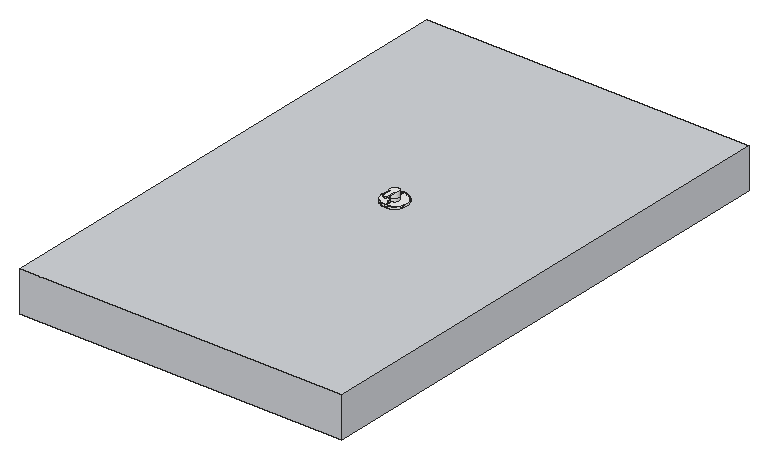
Revit family "Diverter_Balance_Trim-GROHE-Lineare-29168_Series", category Plumbing Fixtures, host Face, Revit 2014
Parameters (values of type "29168001")
  Width = 7 7/16"  # constant formula
  Waste Connection = no
  Warranty Documentation Link = "https://cdn.cloud.grohe.com/tpi/1000/1900/1940/1949/1949006/original/1949006.pdf"
  WFU = 2  # constant formula
  Vent Connection = no
  URL = "https://www.grohe.com"
  Type Comments = ""
  Tempered Connection Radius = Tempered Connection Diameter / 2  # 1/4"
  Tempered Connection Diameter = Hot Water Connection Diameter  # 1/2"
  Shipping Weight = 0.000 lbf
  Product Page URL = "https://www.grohe.us/en_us/lineare-pressure-balance-valve-trim-with-diverter-29168001.html"
  Price = "Prices may vary. Please consult Manufacturer Representative for most up-to-date price list."  # constant formula
  Model = "29168001"
  Material = "Metal-Grohe-001-Chrome"
  Manufacturer = "Grohe"
  Length = 2 7/8"
  Installation Type = "Wall Mounted"
  Hot Water Connection Radius = Hot Water Connection Diameter / 2  # 1/4"
  Hot Water Connection Diameter = Cold Water Connection Diameter  # 1/2"
  HWFU = 1.5  # constant formula
  HW Connection = yes
  Flow Rate = ""
  Finish = Metal-Grohe-001-Chrome
  Description = "Lineare Pressure Balance Valve Trim with Diverter"  # constant formula
  Default Elevation = 44"  # constant formula
  Creation Date = "05/29/2018"  # constant formula
  Cold Water Connection Radius = 1/4"  # constant formula
  Cold Water Connection Diameter = Cold Water Connection Radius * 2  # 1/2"
  CWFU = 1.5  # constant formula
  CW Connection = yes
  Assembly Code = "D2010710"
Types (2): name | Product Page URL | Model | Material | Finish
  29168001 | "https://www.grohe.us/en_us/lineare-pressure-balance-valve-trim-with-diverter-29168001.html" | "29168001" | "Metal-Grohe-001-Chrome" | Metal-Grohe-001-Chrome
  29168EN1 | "https://www.grohe.us/en_us/lineare-pressure-balance-valve-trim-with-diverter-29168EN1.html" | "29168EN1" | "Metal-Grohe-EN1-Brushed Nickel" | Metal-Grohe-EN1-Brushed Nickel
Reference planes (in)
  plane 1 "Center (Front/Back)": y = 0
  plane 2: z = 0
  plane 3 "Center (Left/Right)": x = 0
  plane 4: y = -18
  plane 5: y = -39
  plane 6: x = -1.21875
  plane 7: x = 1.21875
  plane 8: x = -3.34375
  plane 9: x = 3.34375
  plane 10: y = 3.34375
  plane 11: y = -3.34375
  plane 12: y = -3.71875
  plane 13: y = 3.71875
  plane 14: z = 2.875
  plane 15: z = 0.5625
  plane 16: y = 34
Forms (in)
  Extrusion 1, solid
    sketch origin (0, 0, 0) x (1, 0, 0) y (0, 1, 0)
      loop
        line (-48, 72) -> (-48, -79.70833) -> (48, -79.70833) -> (48, 72) -> (-48, 72)
    from 0 to -12
  Revolve 2, solid, material "Metal-Grohe-001-Chrome" <- "Finish"
    sketch origin (0, 0, 0) x (0, 1, 0) y (0, 0, 1)
      loop
        line (3.71875, 0) -> (3.71875, 0.4379)
        arc (3.71875, 0.4379) -> (3.70157, 0.48044) -> (3.65967, 0.49912) r 0.06125
        arc (3.65967, 0.49912) -> (2.45303, 0.53641) -> (1.24609, 0.5625) r 130.00446
        line (1.24609, 0.5625) -> (1.24609, 1.46157) -> (1.19327, 1.46157) -> (1.19327, 1.49456) -> (1.24609, 1.49456) -> (1.24609, 2.875) -> (0, 2.875) -> (0, 0) -> (3.71875, 0)
      axis (0, 2.875) -> (0, 0)
    angle from 0 to 360
  Extrusion 3, solid, material "Metal-Grohe-001-Chrome" <- "Finish"
    sketch origin (0, 0, 0) x (1, 0, 0) y (0, 1, 0)
      loop
        circle (-0.61402, 0) r 0.25
      loop
        circle (0.61402, 0) r 0.25
    from 0 to 0.0625
  Extrusion 4, solid, material "Metal-Grohe-001-Chrome" <- "Finish"
    sketch origin (0, 0, 0) x (1, 0, 0) y (0, 0, 1)
      loop
        line (-0.62305, 2.875) -> (-0.62305, 2.75164)
        arc (-0.62305, 2.75164) -> (0, 2.61899) -> (0.62305, 2.75164) r 1.52959
        line (0.62305, 2.75164) -> (0.62305, 2.875) -> (-0.62305, 2.875)
    from 0 to 3.71875
  Revolve 5, solid, material "Metal-Grohe-001-Chrome" <- "Finish"
    sketch origin (0, 0.04688, 0) x (0, 1, 0) y (0, 0, 1)
      loop
        line (-2.08279, 0.37616) -> (-2.08279, 0.68551) -> (-2.13463, 0.68551) -> (-2.13463, 0.79753) -> (-2.05064, 0.79753) -> (-2.05064, 0.9181) -> (-2.24461, 0.9181) -> (-2.24461, 0.37616) -> (-2.08279, 0.37616)
      axis (-2.24461, 0.37616) -> (-2.24461, 0.9181)
    angle from 0 to 360
Cuts and joins
  joined: Revolve 2, Extrusion 3, Extrusion 4, Revolve 5
Lines and regions (in)
  Masking region 1
    outline origin (0, 0, 0) x (1, 0, 0) y (0, 0, 1)
      loop
        line (-3.72001, 0) -> (3.72001, 0) -> (3.72001, 0.44111)
        arc (3.72001, 0.44111) -> (3.70279, 0.48382) -> (3.66077, 0.50266) r 0.0616
        arc (3.66077, 0.50266) -> (2.45364, 0.54042) -> (1.24609, 0.56107) r 85.24867
        line (1.24609, 0.56107) -> (1.24609, 1.46157) -> (1.19327, 1.46157) -> (1.19327, 1.49456) -> (1.24609, 1.49456) -> (1.24609, 2.875) -> (-1.24609, 2.875) -> (-1.24609, 1.49456) -> (-1.19327, 1.49456) -> (-1.19327, 1.46157) -> (-1.24609, 1.46157) -> (-1.24609, 0.56107)
        arc (-1.24609, 0.56107) -> (-2.4532, 0.54043) -> (-3.6599, 0.5027) r 85.24867
        arc (-3.6599, 0.5027) -> (-3.70254, 0.48358) -> (-3.72001, 0.44024) r 0.0625
        line (-3.72001, 0.44024) -> (-3.72001, 0)
  symbolic lines, detail levels fine
    curve 1: line (1.24609, 0, 0.56107) -> (-1.24609, 0, 0.56107)
    curve 2: line (-1.19327, 0, 1.46157) -> (1.19327, 0, 1.46157)
    curve 3: line (-1.19327, 0, 1.49456) -> (1.19327, 0, 1.49456)
Dimensions and locks (in)
  plane 1 "Center (Front/Back)" to plane 4 = 18"
  plane 4 to plane 5 = 21"
  equal spacing: plane 13, plane 1 "Center (Front/Back)", plane 12
  "Width": plane 13 to plane 12
  plane 15 to level = 9/16"
  "Length": plane 14 to level
  locked: Revolve 2 sketch curve to Revolve 2 sketch curve at 0.03299
  locked: plane 15 to Revolve 2 sketch curve at 0.89907
  "Hot Water Connection Diameter": diameter of Extrusion 3 sketch curve
  "Cold Water Connection Diameter": diameter of Extrusion 3 sketch curve
  radius of Extrusion 4 sketch curve = 1.52959"
  aligned and locked: plane 2 to Extrusion 1
  aligned and locked: level to Extrusion 1
  aligned and locked: Revolve 2 sketch curve to plane 13
  aligned and locked: Revolve 2 sketch curve to plane 14
  aligned and locked: Revolve 2 sketch curve to plane 1 "Center (Front/Back)"
  aligned and locked: plane 15 to Revolve 2 sketch curve
  aligned and locked: Extrusion 4 sketch curve to plane 14
  aligned and locked: Extrusion 4 to plane 1 "Center (Front/Back)"
  aligned and locked: plane 12 to Extrusion 4
  aligned and locked: Masking region 1 to cut or joined group of Revolve 2, Extrusion 3, Extrusion 4, Revolve 5  (x4)
  aligned and locked: Masking region 1 to curve 3
  aligned and locked: curve 2 to Masking region 1
  aligned and locked: curve 3 to cut or joined group of Revolve 2, Extrusion 3, Extrusion 4, Revolve 5
  aligned and locked: curve 2 to cut or joined group of Revolve 2, Extrusion 3, Extrusion 4, Revolve 5
  aligned and locked: curve 3 to Masking region 1
  aligned and locked: Masking region 1 to curve 2
  aligned and locked: cut or joined group of Revolve 2, Extrusion 3, Extrusion 4, Revolve 5 to Masking region 1
Automatic sketch dimensions
  Extrusion 1 sketch curve to Extrusion 1 sketch curve = 96"
  Extrusion 1 sketch curve to Extrusion 1 sketch curve = 151.70833"
  Extrusion 4 sketch curve to plane 3 "Center (Left/Right)" = 0"
  Extrusion 4 sketch curve to plane 14 = 0.12336"  (x2)
  plane 6 to Extrusion 4 sketch curve = 0.5957"
  Masking region 1 sketch curve to level = 0"
  Masking region 1 sketch curve to plane 3 "Center (Left/Right)" = 0.39227"
  plane 6 to Masking region 1 sketch curve = 0.02548"
  Masking region 1 sketch curve to plane 6 = 7/256"  (x2)
  Masking region 1 sketch curve to plane 8 = 0.31376"
  Masking region 1 sketch curve to plane 8 = 0.37626"
  plane 3 "Center (Left/Right)" to Masking region 1 sketch curve = 0.39227"
  plane 7 to Masking region 1 sketch curve = 0.02548"
  Masking region 1 sketch curve to plane 7 = 7/256"  (x2)
  Masking region 1 sketch curve to plane 15 = 0.00143"  (x2)
  Masking region 1 sketch curve to plane 15 = 0.12139"
  Masking region 1 sketch curve to plane 9 = 0.31466"
  Masking region 1 sketch curve to Masking region 1 sketch curve = 0.0616"
  Masking region 1 sketch curve to level = 84.68333"
  Masking region 1 sketch curve to Masking region 1 sketch curve = 0"
  Masking region 1 sketch curve to plane 15 = 0.12226"
  plane 15 to Masking region 1 sketch curve = 0.89907"  (x2)
  Masking region 1 sketch curve to Masking region 1 sketch curve = 0.03299"  (x2)
  Revolve 2 sketch curve to plane 1 "Center (Front/Back)" = 0"
  Revolve 2 sketch curve to level = 0"
  plane 1 "Center (Front/Back)" to Revolve 2 sketch curve = 0.95993"
  Revolve 2 sketch curve to plane 1 "Center (Front/Back)" = 1.19327"
  Revolve 2 sketch curve to Revolve 2 sketch curve = 0.05283"
  Revolve 2 sketch curve to plane 1 "Center (Front/Back)" = 1 63/256"
  Revolve 2 sketch curve to Revolve 2 sketch curve = 0.06125"
  Revolve 2 sketch curve to level = 129.42324"
  Revolve 2 sketch curve to plane 15 = 0.1246"
  Revolve 2 sketch curve to Revolve 2 sketch curve = 3.12085"
  Revolve 2 sketch curve to Revolve 2 sketch curve = 0.35576"
  plane 1 "Center (Front/Back)" to Extrusion 3 sketch curve = 0"  (x2)
  plane 6 to Extrusion 3 sketch curve = 0.60473"
  plane 7 to Extrusion 3 sketch curve = 0.60473"
  Masking region 1 sketch curve to plane 14 = 0"
  curve 1 to plane 15 = 0.00143"
  curve 1 to plane 6 = 7/256"
  curve 1 to plane 7 = 7/256"
  plane 15 to Revolve 5 sketch curve = 0.3556"
  plane 11 to Revolve 5 sketch curve = 1.14602"
  Revolve 5 sketch curve to Revolve 5 sketch curve = 0.10998"
  Revolve 5 sketch curve to Revolve 5 sketch curve = 0.05184"
  Revolve 5 sketch curve to Revolve 5 sketch curve = 0.08399"
  Revolve 5 sketch curve to Revolve 5 sketch curve = 0.12057"
  Revolve 5 sketch curve to Revolve 5 sketch curve = 0.11202"
  Revolve 5 sketch curve to plane 15 = 0.18634"
  Revolve 5 sketch curve to Revolve 5 sketch curve = 0"  (x2)
  Revolve 5 sketch curve to Revolve 5 sketch curve = 0.22396"
Connectors (in)
  piping at (-0.61402, 0, 0), diameter 0.5, driven by "Hot Water Connection Diameter"
    settings: on Extrusion 3, index 1, connector inside diameter 24", connector length 0", flow factor 0, pipe flow 0 GPM, pressure drop 0.00 psi, fitting loss kfactor 0, connector angle 0.00°, fixture units 0, engagement length 0", angle of deflection 0.00°, flow configuration 0, flow direction 1, fitting loss method 0, system type 19, joint type 0, gender type 0, connector reference index -1, connector utility 0, adjustable connector no, is connector primary yes, connector description "1/2\" NPT HW Inlet"
  piping at (0.61402, 0, 0), diameter 0.5, driven by "Cold Water Connection Diameter"
    settings: on Extrusion 3, index 2, connector inside diameter 24", connector length 0", flow factor 0, pipe flow 0 GPM, pressure drop 0.00 psi, fitting loss kfactor 0, connector angle 0.00°, fixture units 0, engagement length 0", angle of deflection 0.00°, flow configuration 0, flow direction 1, fitting loss method 0, system type 20, joint type 0, gender type 0, connector reference index -1, connector utility 0, adjustable connector no, is connector primary no, connector description "1/2\" NPT CW Inlet"
